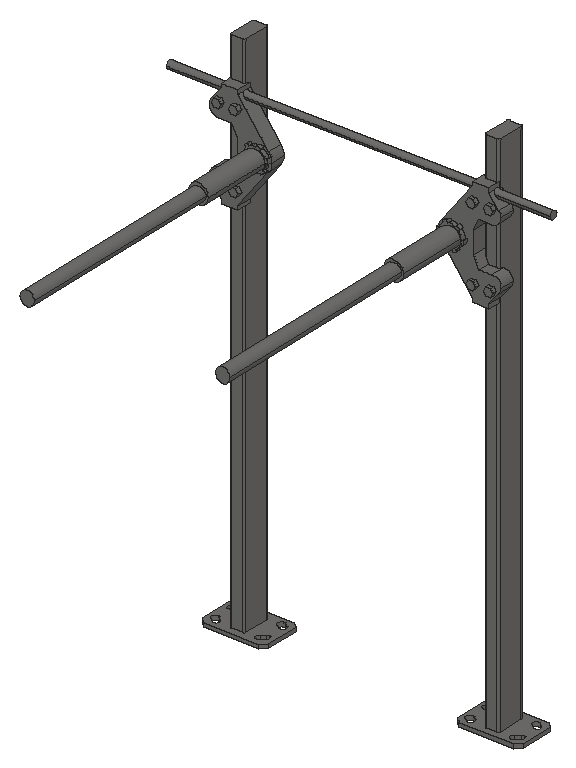
Revit family "Lav-Carrier-Josam-Floor Mounted-17100", category Plumbing Fixtures, Revit 2012 (continued)
Definition of nested family "17100"
  Automatic sketch dimensions
    curve 115 to curve 116 = 0' - 0.15705"
    curve 154 to curve 27 = 0' - 0.29199"
    curve 8 to curve 123 = 0' - 0.4545"
    curve 123 to curve 124 = 0' - 0.04481"
    curve 123 to curve 123 = 0' - 0.1355"
    curve 125 to curve 126 = 0' - 0.12887"
    curve 122 to curve 120 = 0' - 0.09965"
    curve 123 to curve 143 = 0' - 0.11344"
    curve 121 to curve 121 = 0' - 0.1007"
    curve 142 to curve 145 = 0' - 0.18472"
    curve 120 to curve 120 = 0' - 0.2226"
    curve 125 to curve 128 = 0' - 0.28407"
    curve 127 to curve 126 = 0' - 0.06775"
    curve 120 to curve 119 = 0' - 0.06846"
    curve 127 to curve 129 = 0' - 0.24275"
    curve 129 to curve 129 = 0' - 0.05279"
    curve 173 to curve 175 = 0' - 1.36027"
    curve 144 to curve 145 = 0' - 0.48077"
    curve 142 to curve 18 = 0' - 0.00107"
    curve 142 to curve 132 = 0' - 0.00107"
    curve 120 to curve 138 = 0' - 0.00028"
    curve 138 to curve 118 = 0' - 0.0012"
    curve 118 to curve 141 = 0' - 0.54818"
    curve 141 to curve 140 = 0' - 0.03192"
    curve 175 to curve 171 = 0' - 0.38973"
    curve 129 to curve 130 = 0' - 0.55221"
    curve 118 to curve 138 = 0' - 0.23116"
    curve 139 to curve 139 = 0' - 0.0677"
    curve 130 to curve 131 = 0' - 0.06775"
    curve 131 to curve 134 = 0' - 0.19438"
    curve 134 to curve 133 = 0' - 0.09597"
    curve 142 to curve 138 = 0' - 0.07765"
    curve 142 to curve 134 = 0' - 0.11559"
    curve 132 to curve 17 = 0' - 0.11724"
    curve 137 to curve 19 = 0' - 0.05553"
    curve 137 to curve 137 = 0' - 0.12863"
    curve 134 to curve 135 = 0' - 0.1355"
    curve 136 to curve 19 = 0' - 0.0845"
    plane 3 "Center (Left/Right)" to curve 93 = 0' - 5.7145"
    curve 92 to curve 92 = 0' - 0.04481"
    curve 93 to curve 35 = 0' - 0.11791"
    curve 92 to curve 35 = 0' - 0.0731"
    curve 92 to curve 94 = 0' - 0.1355"
    curve 91 to curve 91 = 0' - 0.12863"
    curve 35 to curve 96 = 0' - 0.11724"
    curve 94 to curve 102 = 0' - 0.11559"
    curve 95 to curve 95 = 0' - 0.09597"
    curve 102 to curve 105 = 0' - 0.18472"
    curve 35 to curve 88 = 0' - 0 87/256"
    curve 96 to curve 96 = 0' - 0.2226"
    curve 88 to curve 90 = 0' - 0.0677"
    curve 97 to curve 98 = 0' - 0.06775"
    plane 3 "Center (Left/Right)" to curve 164 = 0' - 6.38"
    curve 88 to curve 87 = 0' - 0.26693"
    curve 88 to curve 87 = 0' - 0.03192"
    curve 105 to curve 86 = 0' - 0.47822"
    curve 86 to curve 90 = 0' - 0.0012"
    curve 90 to curve 88 = 0' - 0.00028"
    curve 86 to curve 35 = 0' - 0.00148"
    curve 35 to curve 105 = 0' - 0.00107"
    curve 163 to curve 167 = 0' - 0.38973"
    curve 97 to curve 98 = 0' - 0.55221"
    curve 98 to curve 100 = 0' - 0.05279"
    curve 86 to curve 86 = 0' - 0.54818"
    curve 98 to curve 78 = 0' - 0.22779"
    curve 78 to curve 100 = 0' - 0.06775"
    curve 85 to curve 85 = 0' - 0.06846"
    curve 86 to curve 83 = 0' - 0.19036"
    curve 83 to curve 84 = 0' - 0.1007"
    curve 102 to curve 79 = 0' - 0.07527"
    curve 103 to curve 81 = 0' - 0.11344"
    curve 79 to curve 80 = 0' - 0.12887"
    curve 81 to curve 80 = 0' - 0.1355"
    curve 85 to curve 27 = 0' - 0.50152"
    curve 27 to curve 58 = 0' - 0.13494"
    curve 100 to curve 77 = 0' - 0.63646"
    curve 76 to curve 76 = 0' - 0.15705"
    curve 58 to curve 54 = 0' - 0.15705"
    curve 76 to curve 77 = 0' - 0.15705"
    curve 58 to curve 57 = 0' - 0.15705"
    curve 72 to curve 37 = 0' - 0.05875"
    curve 27 to curve 34 = 0' - 0.35073"
    curve 84 to curve 45 = 0' - 0.68965"
    curve 52 to curve 32 = 0' - 0.19"
    level to curve 161 = 0' - 0 1/4"
    curve 167 to curve 161 = 0' - 1.36027"
    curve 54 to curve 54 = 0' - 0.31409"
    curve 75 to curve 75 = 0' - 0.31409"
    curve 57 to curve 56 = 0' - 0.31409"
    curve 72 to curve 72 = 0' - 0.31409"
    curve 54 to curve 56 = 0' - 0.15705"
    curve 74 to curve 73 = 0' - 0.15705"
    curve 54 to curve 47 = 0' - 0.17465"
    curve 74 to curve 44 = 0' - 0.17465"
    curve 55 to curve 65 = 0' - 0.55521"
    curve 73 to curve 69 = 0' - 0.55521"
    curve 64 to curve 65 = 0' - 0.15705"
    curve 68 to curve 70 = 0' - 0.15705"
    curve 64 to curve 64 = 0' - 0.15705"
    curve 68 to curve 67 = 0' - 0.15705"
    curve 69 to curve 39 = 0' - 0.00535"
    curve 63 to curve 50 = 0' - 0.00535"
    curve 32 to curve 33 = 0' - 1"
    curve 39 to curve 160 = 0' - 0.06066"
    curve 67 to curve 42 = 0' - 0.18535"
    curve 60 to curve 47 = 0' - 0.18535"
    curve 48 to curve 61 = 0' - 0.12875"
    curve 69 to curve 71 = 0' - 0.31409"
    curve 41 to curve 67 = 0' - 0.12875"
    curve 63 to curve 62 = 0' - 0.31409"
    curve 62 to curve 30 = 0' - 0.05231"
    curve 62 to curve 61 = 0' - 0.15705"
    curve 70 to curve 71 = 0' - 0.15705"
    curve 61 to curve 50 = 0' - 0.2055"
    curve 66 to curve 41 = 0' - 0.2055"
    curve 40 to curve 41 = 0' - 0.13371"
    curve 49 to curve 48 = 0' - 0.13371"
    curve 160 to curve 166 = 0' - 1.35961"
    curve 166 to curve 165 = 0' - 0.38973"
    level to curve 160 = 0' - 0.25673"
    level to curve 172 = 0' - 0.25673"
    curve 172 to curve 14 = 2' - 2.07327"
    curve 161 to curve 15 = 0' - 0"
    curve 15 to curve 17 = 0' - 0.26"
    curve 37 to curve 37 = 0' - 0.26"
    curve 38 to curve 40 = 0' - 0.26"
    curve 14 to curve 14 = 0' - 0.26"
    curve 39 to curve 160 = 0' - 0.07714"
    curve 13 to curve 172 = 0' - 0.07714"
    curve 16 to curve 114 = 0' - 0.62279"
    curve 172 to curve 110 = 0' - 0.54565"
    curve 160 to curve 70 = 0' - 0.54565"
    curve 36 to curve 73 = 0' - 0.62279"
    curve 72 to curve 73 = 0' - 0.27201"
    curve 72 to curve 76 = 0' - 0.27201"
    curve 41 to curve 71 = 0' - 0.04114"
    curve 114 to curve 114 = 0' - 0.27201"
    curve 69 to curve 69 = 0' - 0.27201"
    curve 13 to curve 108 = 0' - 0.04114"
    curve 115 to curve 116 = 0' - 0.27201"
    curve 109 to curve 111 = 0' - 0.27201"
    curve 73 to curve 75 = 0' - 0.27201"
    curve 113 to curve 113 = 0' - 0.27201"
    curve 107 to curve 106 = 0' - 0.27201"
    curve 68 to curve 41 = 0' - 0.07318"
    curve 106 to curve 12 = 0' - 0.07318"
    curve 10 to curve 159 = 0' - 0.50919"
    curve 43 to curve 99 = 0' - 0.6551"
    curve 128 to curve 9 = 0' - 0.1299"
    curve 99 to curve 101 = 0' - 0.09705"
    curve 129 to curve 131 = 0' - 0.09705"
    curve 128 to curve 128 = 0' - 0.09705"
    curve 96 to curve 94 = 0' - 0.27622"
    curve 99 to curve 98 = 0' - 0.12695"
    curve 129 to curve 129 = 0' - 0.12695"
    curve 45 to curve 79 = 0' - 0.4771"
    curve 127 to curve 126 = 0' - 0.11735"
    curve 101 to curve 78 = 0' - 0.11735"
    curve 17 to curve 132 = 0' - 0.01061"
    curve 36 to curve 95 = 0' - 0.01061"
    curve 35 to curve 78 = 0' - 0.02"
    curve 35 to curve 102 = 0' - 0.00339"
    curve 126 to curve 142 = 0' - 0.22442"
    curve 118 to curve 120 = 0' - 0.00038"
    curve 86 to curve 78 = 0' - 0.00038"
    curve 138 to curve 120 = 0' - 0"
    curve 90 to curve 78 = 0' - 0"
    curve 142 to curve 134 = 0' - 0.01661"
    curve 103 to curve 80 = 0' - 0.01661"
    curve 103 to curve 92 = 0' - 0.01661"
    curve 142 to curve 124 = 0' - 0.01661"
    curve 90 to curve 91 = 0' - 0.04184"
    curve 138 to curve 136 = 0' - 0.04184"
    curve 121 to curve 120 = 0' - 0.09067"
    curve 83 to curve 84 = 0' - 0.09067"
    curve 86 to curve 84 = 0' - 0.11825"
    curve 118 to curve 120 = 0' - 0.11825"
    curve 84 to curve 45 = 0' - 0.10741"
    curve 121 to curve 8 = 0' - 0.10741"
    curve 139 to curve 140 = 0' - 0.11726"
    curve 90 to curve 89 = 0' - 0.11726"
    curve 8 to curve 159 = 0' - 0.27581"
    curve 158 to curve 7 = 0' - 0.05"
    curve 45 to curve 47 = 0' - 0.785"
    curve 6 to curve 6 = 0' - 0 5/8"
    curve 46 to curve 54 = 0' - 0.70779"
    curve 48 to curve 65 = 0' - 0.08279"
    curve 7 to curve 153 = 0' - 0.70779"
    curve 6 to curve 147 = 0' - 0.08279"
    curve 61 to curve 49 = 0' - 0.03153"
    curve 152 to curve 153 = 0' - 0.27201"
    curve 152 to curve 156 = 0' - 0.27201"
    curve 60 to curve 64 = 0' - 0.27201"
    curve 54 to curve 55 = 0' - 0.27201"
    curve 151 to curve 6 = 0' - 0.03153"
    curve 146 to curve 148 = 0' - 0.27201"
    curve 54 to curve 59 = 0' - 0.27201"
    curve 156 to curve 156 = 0' - 0.27201"
    curve 55 to curve 57 = 0' - 0.27201"
    curve 147 to curve 148 = 0' - 0.27201"
    curve 64 to curve 64 = 0' - 0.27201"
    curve 154 to curve 27 = 0' - 0.14942"
    curve 62 to curve 30 = 0' - 0.15404"
    curve 5 to curve 25 = 0' - 0 101/256"
    curve 24 to curve 25 = 0' - 0 1/2"
    curve 1 to curve 26 = 0' - 0.04085"
    curve 50 to curve 31 = 0' - 0.04085"
    curve 26 to curve 52 = 0' - 0.21915"
    curve 26 to curve 2 = 0' - 0.21915"
    curve 3 to curve 22 = 0' - 2.62"
    curve 32 to curve 32 = 0' - 2.62"
    Extrusion 3 sketch curve to Extrusion 3 sketch curve = 0' - 0"  (x8)
    plane 6 to Extrusion 3 sketch curve = 0' - 1.11129"  (x2)
    plane 6 to Extrusion 3 sketch curve = 0' - 0.62"  (x2)
    plane 6 to Extrusion 3 sketch curve = 0' - 0.44"  (x2)
    Extrusion 3 sketch curve to plane 6 = 0' - 0.26"  (x2)
    Extrusion 3 sketch curve to plane 6 = 0' - 0.63"
    Extrusion 3 sketch curve to plane 6 = 0' - 0.69"  (x2)
    Extrusion 3 sketch curve to Extrusion 3 sketch curve = 0' - 1.37"  (x2)
    Extrusion 3 sketch curve to Extrusion 3 sketch curve = 0' - 0.79759"  (x3)
    Extrusion 3 sketch curve to Extrusion 3 sketch curve = 0' - 0.20241"
    plane 3 "Center (Left/Right)" to Extrusion 3 sketch curve = 0' - 5.83241"
    Extrusion 3 sketch curve to Extrusion 3 sketch curve = 0' - 2.10759"  (x2)
    Extrusion 3 sketch curve to Extrusion 3 sketch curve = 0' - 0.37"  (x2)
    Extrusion 3 sketch curve to Extrusion 3 sketch curve = 0' - 1.13"  (x2)
    Extrusion 3 sketch curve to Extrusion 3 sketch curve = 0' - 0.88"  (x2)
    Extrusion 3 sketch curve to Extrusion 3 sketch curve = 0' - 0.49129"  (x2)
    Extrusion 3 sketch curve to Extrusion 3 sketch curve = 0' - 0.13371"  (x2)
    level to Extrusion 3 sketch curve = 2' - 2.33"
    Extrusion 3 sketch curve to Extrusion 3 sketch curve = 0' - 0.26"  (x6)
    Extrusion 3 sketch curve to Extrusion 3 sketch curve = 0' - 0.85366"  (x4)
    Extrusion 3 sketch curve to Extrusion 3 sketch curve = 0' - 0.38634"
    Extrusion 3 sketch curve to Extrusion 3 sketch curve = 0' - 0.785"  (x4)
    Extrusion 3 sketch curve to Extrusion 3 sketch curve = 0' - 0.1368"  (x2)
    Extrusion 3 sketch curve to Extrusion 3 sketch curve = 0' - 0.6032"
    Extrusion 3 sketch curve to Extrusion 3 sketch curve = 0' - 1.48"  (x2)
    Extrusion 3 sketch curve to Extrusion 3 sketch curve = 0' - 0 5/8"
    Extrusion 3 sketch curve to Extrusion 3 sketch curve = 0' - 1.24"  (x2)
    Extrusion 4 sketch curve to plane 6 = 0' - 1.99893"
    plane 4 to Extrusion 4 sketch curve = 0' - 6.36893"
    level to Extrusion 4 sketch curve = 2' - 5.98339"
    Extrusion 4 sketch curve to Extrusion 4 sketch curve = 0' - 0"
    Extrusion 5 sketch curve to plane 6 = 0' - 1.99893"
    plane 4 to Extrusion 5 sketch curve = 0' - 6.36893"
    level to Extrusion 5 sketch curve = 2' - 5.98339"
    Extrusion 5 sketch curve to Extrusion 5 sketch curve = 0' - 0"
    plane 1 "Center (Front/Back)" to Extrusion 6 sketch curve = 0' - 0.4507"
    level to Extrusion 6 sketch curve = 2' - 9.16085"
    plane 6 to Extrusion 8 sketch curve = 0' - 0.90579"
    Extrusion 8 sketch curve to Extrusion 8 sketch curve = 0' - 0.15705"  (x2)
    Extrusion 8 sketch curve to Extrusion 8 sketch curve = 0' - 0.31409"  (x2)
    plane 6 to Extrusion 8 sketch curve = 0' - 0.2776"
    Extrusion 8 sketch curve to level = 2' - 8.21279"
    Extrusion 8 sketch curve to Extrusion 8 sketch curve = 0' - 0.27201"  (x3)
    plane 6 to Extrusion 9 sketch curve = 0' - 0.90579"
    Extrusion 9 sketch curve to Extrusion 9 sketch curve = 0' - 0.15705"  (x2)
    Extrusion 9 sketch curve to Extrusion 9 sketch curve = 0' - 0.31409"  (x2)
    plane 6 to Extrusion 9 sketch curve = 0' - 0.2776"
    level to Extrusion 9 sketch curve = 2' - 3.21279"
    Extrusion 9 sketch curve to Extrusion 9 sketch curve = 0' - 0.27201"  (x3)
    plane 6 to Extrusion 10 sketch curve = 0' - 0.90579"
    Extrusion 10 sketch curve to Extrusion 10 sketch curve = 0' - 0.15705"  (x2)
    Extrusion 10 sketch curve to Extrusion 10 sketch curve = 0' - 0.31409"  (x2)
    plane 6 to Extrusion 10 sketch curve = 0' - 0.2776"
    Extrusion 10 sketch curve to level = 2' - 3.21279"
    Extrusion 10 sketch curve to Extrusion 10 sketch curve = 0' - 0.27201"  (x3)
    Extrusion 11 sketch curve to plane 4 = 0' - 3.46421"
    Extrusion 11 sketch curve to Extrusion 11 sketch curve = 0' - 0.15705"  (x3)
    Extrusion 11 sketch curve to Extrusion 11 sketch curve = 0' - 0.31409"  (x2)
    Extrusion 11 sketch curve to level = 2' - 8.21279"
    Extrusion 11 sketch curve to Extrusion 11 sketch curve = 0' - 0.27201"  (x3)
    plane 4 to Extrusion 12 sketch curve = 0' - 5.27579"
    Extrusion 12 sketch curve to Extrusion 12 sketch curve = 0' - 0.15705"  (x3)
    Extrusion 12 sketch curve to Extrusion 12 sketch curve = 0' - 0.31409"  (x2)
    level to Extrusion 12 sketch curve = 2' - 8.21279"
    Extrusion 12 sketch curve to Extrusion 12 sketch curve = 0' - 0.27201"  (x3)
    Extrusion 13 sketch curve to plane 4 = 0' - 3.46421"
    Extrusion 13 sketch curve to Extrusion 13 sketch curve = 0' - 0.15705"  (x3)
    Extrusion 13 sketch curve to Extrusion 13 sketch curve = 0' - 0.31409"  (x2)
    Extrusion 13 sketch curve to level = 2' - 3.21279"
    Extrusion 13 sketch curve to Extrusion 13 sketch curve = 0' - 0.27201"  (x3)
    plane 4 to Extrusion 14 sketch curve = 0' - 5.27579"
    Extrusion 14 sketch curve to Extrusion 14 sketch curve = 0' - 0.15705"  (x3)
    Extrusion 14 sketch curve to Extrusion 14 sketch curve = 0' - 0.31409"  (x2)
    level to Extrusion 14 sketch curve = 2' - 3.21279"
    Extrusion 14 sketch curve to Extrusion 14 sketch curve = 0' - 0.27201"  (x3)
    Extrusion 15 sketch curve to Extrusion 15 sketch curve = 0' - 0"  (x91)
    Extrusion 15 sketch curve to plane 6 = 0' - 1.0845"
    Extrusion 15 sketch curve to Extrusion 15 sketch curve = 0' - 0.04481"
    Extrusion 15 sketch curve to Extrusion 15 sketch curve = 0' - 0.1355"  (x2)
    Extrusion 15 sketch curve to Extrusion 15 sketch curve = 0' - 0.12887"
    Extrusion 15 sketch curve to Extrusion 15 sketch curve = 0' - 0.09965"
    Extrusion 15 sketch curve to Extrusion 15 sketch curve = 0' - 0.1007"
    Extrusion 15 sketch curve to Extrusion 15 sketch curve = 0' - 0.2226"
    Extrusion 15 sketch curve to Extrusion 15 sketch curve = 0' - 0.28407"
    Extrusion 15 sketch curve to Extrusion 15 sketch curve = 0' - 0.06775"  (x2)
    Extrusion 15 sketch curve to Extrusion 15 sketch curve = 0' - 0.06846"
    Extrusion 15 sketch curve to Extrusion 15 sketch curve = 0' - 0.24275"
    Extrusion 15 sketch curve to Extrusion 15 sketch curve = 0' - 0.05279"
    Extrusion 15 sketch curve to Extrusion 15 sketch curve = 0' - 0.16114"
    Extrusion 15 sketch curve to Extrusion 15 sketch curve = 0' - 0.00107"
    Extrusion 15 sketch curve to Extrusion 15 sketch curve = 0' - 0.00028"
    Extrusion 15 sketch curve to Extrusion 15 sketch curve = 0' - 0.0012"
    Extrusion 15 sketch curve to Extrusion 15 sketch curve = 0' - 0.54818"
    Extrusion 15 sketch curve to Extrusion 15 sketch curve = 0' - 0.03192"
    Extrusion 15 sketch curve to Extrusion 15 sketch curve = 0' - 0.55221"
    Extrusion 15 sketch curve to Extrusion 15 sketch curve = 0' - 0.23116"
    Extrusion 15 sketch curve to Extrusion 15 sketch curve = 0' - 0.0677"
    Extrusion 15 sketch curve to Extrusion 15 sketch curve = 0' - 0.19438"
    Extrusion 15 sketch curve to Extrusion 15 sketch curve = 0' - 0.09597"
    Extrusion 15 sketch curve to Extrusion 15 sketch curve = 0' - 0.35201"
    Extrusion 15 sketch curve to Extrusion 15 sketch curve = 0' - 0.03794"
    Extrusion 15 sketch curve to Extrusion 15 sketch curve = 0' - 0.12863"
    level to Extrusion 15 sketch curve = 2' - 5.1101"
    Extrusion 15 sketch curve to Extrusion 15 sketch curve = 0' - 0.09705"
    Extrusion 15 sketch curve to Extrusion 15 sketch curve = 0' - 0.27622"
    Extrusion 15 sketch curve to Extrusion 15 sketch curve = 0' - 0.12695"
    Extrusion 15 sketch curve to Extrusion 15 sketch curve = 0' - 0.11735"
    Extrusion 15 sketch curve to Extrusion 15 sketch curve = 0' - 0.01661"
    Extrusion 15 sketch curve to Extrusion 15 sketch curve = 0' - 0.00038"
    Extrusion 15 sketch curve to Extrusion 15 sketch curve = 0' - 0.24103"
    Extrusion 15 sketch curve to Extrusion 15 sketch curve = 0' - 0.28291"
    Extrusion 15 sketch curve to Extrusion 15 sketch curve = 0' - 0.04184"
    Extrusion 15 sketch curve to Extrusion 15 sketch curve = 0' - 0.09067"
    Extrusion 15 sketch curve to Extrusion 15 sketch curve = 0' - 0.11825"
    Extrusion 15 sketch curve to Extrusion 15 sketch curve = 0' - 0.11726"
    Extrusion 16 sketch curve to Extrusion 16 sketch curve = 0' - 0"  (x91)
    Extrusion 16 sketch curve to plane 4 = 0' - 5.4545"
    Extrusion 16 sketch curve to Extrusion 16 sketch curve = 0' - 0.04481"
    Extrusion 16 sketch curve to Extrusion 16 sketch curve = 0' - 0.1355"  (x2)
    Extrusion 16 sketch curve to Extrusion 16 sketch curve = 0' - 0.12887"
    Extrusion 16 sketch curve to Extrusion 16 sketch curve = 0' - 0.09965"
    Extrusion 16 sketch curve to Extrusion 16 sketch curve = 0' - 0.1007"
    Extrusion 16 sketch curve to Extrusion 16 sketch curve = 0' - 0.2226"
    Extrusion 16 sketch curve to Extrusion 16 sketch curve = 0' - 0.28407"
    Extrusion 16 sketch curve to Extrusion 16 sketch curve = 0' - 0.06775"  (x2)
    Extrusion 16 sketch curve to Extrusion 16 sketch curve = 0' - 0.06846"
    Extrusion 16 sketch curve to Extrusion 16 sketch curve = 0' - 0.24275"
    Extrusion 16 sketch curve to Extrusion 16 sketch curve = 0' - 0.05279"
    Extrusion 16 sketch curve to Extrusion 16 sketch curve = 0' - 0.16114"
    Extrusion 16 sketch curve to Extrusion 16 sketch curve = 0' - 0.00107"
    Extrusion 16 sketch curve to Extrusion 16 sketch curve = 0' - 0.00028"
    Extrusion 16 sketch curve to Extrusion 16 sketch curve = 0' - 0.0012"
    Extrusion 16 sketch curve to Extrusion 16 sketch curve = 0' - 0.54818"
    Extrusion 16 sketch curve to Extrusion 16 sketch curve = 0' - 0.03192"
    Extrusion 16 sketch curve to Extrusion 16 sketch curve = 0' - 0.55221"
    Extrusion 16 sketch curve to Extrusion 16 sketch curve = 0' - 0.23116"
    Extrusion 16 sketch curve to Extrusion 16 sketch curve = 0' - 0.0677"
    Extrusion 16 sketch curve to Extrusion 16 sketch curve = 0' - 0.19438"
    Extrusion 16 sketch curve to Extrusion 16 sketch curve = 0' - 0.09597"
    Extrusion 16 sketch curve to Extrusion 16 sketch curve = 0' - 0.35201"
    Extrusion 16 sketch curve to Extrusion 16 sketch curve = 0' - 0.03794"
    Extrusion 16 sketch curve to Extrusion 16 sketch curve = 0' - 0.12863"
    Extrusion 16 sketch curve to level = 2' - 5.1101"
    Extrusion 16 sketch curve to Extrusion 16 sketch curve = 0' - 0.09705"
    Extrusion 16 sketch curve to Extrusion 16 sketch curve = 0' - 0.27622"
    Extrusion 16 sketch curve to Extrusion 16 sketch curve = 0' - 0.12695"
    Extrusion 16 sketch curve to Extrusion 16 sketch curve = 0' - 0.11735"
    Extrusion 16 sketch curve to Extrusion 16 sketch curve = 0' - 0.01661"
    Extrusion 16 sketch curve to Extrusion 16 sketch curve = 0' - 0.00038"
    Extrusion 16 sketch curve to Extrusion 16 sketch curve = 0' - 0.24103"
    Extrusion 16 sketch curve to Extrusion 16 sketch curve = 0' - 0.28291"
    Extrusion 16 sketch curve to Extrusion 16 sketch curve = 0' - 0.04184"
    Extrusion 16 sketch curve to Extrusion 16 sketch curve = 0' - 0.09067"
    Extrusion 16 sketch curve to Extrusion 16 sketch curve = 0' - 0.11825"
    Extrusion 16 sketch curve to Extrusion 16 sketch curve = 0' - 0.11726"
    curve 192 to level = 0' - 0"
    curve 193 to level = 0' - 0"
    curve 209 to plane 1 "Center (Front/Back)" = 0' - 0"
    curve 194 to level = 0' - 0"
    curve 190 to level = 0' - 0"
    plane 1 "Center (Front/Back)" to curve 198 = 0' - 0.04056"
    plane 1 "Center (Front/Back)" to curve 208 = 0' - 0.04056"
    plane 1 "Center (Front/Back)" to curve 199 = 0' - 0.06608"
    plane 1 "Center (Front/Back)" to curve 208 = 0' - 0.06608"
    curve 198 to curve 199 = 0' - 0.10739"
    curve 197 to curve 198 = 0' - 0.00113"
    plane 1 "Center (Front/Back)" to curve 207 = 0' - 0.17459"
    curve 210 to curve 207 = 0' - 0"
    curve 198 to curve 198 = 0' - 0.0055"
    curve 208 to curve 208 = 0' - 0.00437"
    plane 1 "Center (Front/Back)" to curve 212 = 0' - 0.2"
    plane 1 "Center (Front/Back)" to curve 203 = 0' - 0.2"
    plane 1 "Center (Front/Back)" to curve 195 = 0' - 0.2"
    curve 210 to curve 208 = 0' - 0.13478"
    curve 193 to curve 195 = 0' - 0.12558"
    curve 205 to curve 210 = 0' - 0.13696"
    curve 211 to curve 205 = 0' - 0.13696"
    curve 191 to curve 193 = 0' - 0.37442"
    curve 205 to curve 211 = 0' - 0.11304"
    curve 206 to curve 202 = 0' - 0.78"
    curve 213 to curve 213 = 0' - 0.26906"
    curve 222 to curve 222 = 0' - 0.26906"
    curve 219 to curve 219 = 0' - 0.26906"
    curve 182 to curve 181 = 0' - 4.73094"
    curve 176 to curve 176 = 1' - 2 1/2"
    level to curve 189 = 0' - 0 1/4"
    curve 189 to plane 1 "Center (Front/Back)" = 0' - 1.8"
    curve 189 to curve 194 = 0' - 0.11027"
    curve 194 to curve 191 = 0' - 0.38973"
    curve 195 to curve 187 = 2' - 2.08"
    curve 187 to curve 198 = 0' - 0.22937"
    curve 198 to curve 198 = 0' - 0.03037"
    curve 198 to curve 197 = 0' - 0.00026"
    curve 197 to curve 218 = 0' - 0.62279"
    curve 217 to curve 219 = 0' - 0.27201"
    curve 219 to curve 216 = 0' - 0.27201"
    curve 216 to curve 201 = 0' - 0.69818"
    curve 201 to curve 180 = 0' - 0.6551"
    curve 180 to curve 226 = 0' - 0.09705"
    curve 226 to curve 203 = 0' - 0.03285"
    curve 226 to curve 179 = 0' - 0.11051"
    curve 203 to curve 367 = 0' - 0.07766"
    curve 179 to curve 176 = 0' - 0.18496"
    curve 179 to curve 225 = 0' - 0.39943"
    curve 225 to curve 224 = 0' - 0.28565"
    curve 176 to curve 178 = 0' - 0.96154"
    curve 224 to curve 221 = 0' - 0.51917"
    curve 221 to curve 222 = 0' - 0.09067"
    curve 222 to curve 366 = 0' - 0.03629"
    curve 178 to curve 182 = 0' - 0.18472"
    curve 366 to curve 204 = 0' - 0.02671"
    curve 181 to curve 223 = 0' - 0.14397"
    curve 223 to curve 180 = 0' - 0.10255"
    curve 184 to curve 206 = 0' - 0.60961"
    curve 206 to curve 215 = 0' - 0.70779"
    curve 214 to curve 220 = 0' - 0.27201"
    curve 220 to curve 215 = 0' - 0.27201"
    curve 213 to curve 205 = 0' - 0.40403"
    curve 205 to curve 205 = 0' - 0"
    curve 209 to curve 210 = 0' - 0.0763"
    curve 210 to curve 207 = 0' - 0.0035"
    curve 208 to curve 212 = 0' - 0.22937"
    curve 212 to curve 188 = 0' - 2.62"
    curve 252 to plane 5 = 0' - 0"
    plane 1 "Center (Front/Back)" to curve 256 = 0' - 0"
    plane 1 "Center (Front/Back)" to curve 257 = 0' - 0"
    plane 1 "Center (Front/Back)" to curve 323 = 0' - 0"
    plane 1 "Center (Front/Back)" to curve 322 = 0' - 0"
    curve 368 to plane 4 = 0' - 0"
    plane 5 to curve 229 = 0' - 2.12"
    curve 228 to curve 232 = 0' - 0.36191"
    plane 1 "Center (Front/Back)" to curve 248 = 0' - 0.10384"
    curve 229 to curve 248 = 0' - 0.36191"
    curve 228 to curve 228 = 0' - 0.38973"
    plane 1 "Center (Front/Back)" to curve 248 = 0' - 0.2007"
    curve 248 to curve 248 = 0' - 0.11543"
    curve 247 to plane 1 "Center (Front/Back)" = 0' - 0.08767"
    curve 248 to curve 247 = 0' - 0.1607"
    curve 231 to curve 231 = 0' - 0.1607"  (x2)
    curve 232 to curve 233 = 0' - 0.26426"
    curve 246 to plane 1 "Center (Front/Back)" = 0' - 0.27918"
    curve 233 to curve 233 = 0' - 0.1607"  (x2)
    plane 1 "Center (Front/Back)" to curve 251 = 0' - 0.13407"
    curve 248 to curve 251 = 0' - 0.30952"
    curve 246 to plane 1 "Center (Front/Back)" = 0' - 0.05744"
    curve 251 to curve 246 = 0' - 0.1607"
    curve 251 to curve 262 = 0' - 0.21814"
    plane 1 "Center (Front/Back)" to curve 251 = 0' - 0.01194"
    curve 255 to curve 264 = 0' - 0.33921"
    curve 263 to curve 267 = 0' - 0.15705"
    plane 6 to curve 242 = 0' - 0 1/2"
    curve 242 to curve 249 = 0' - 0.06"
    curve 253 to curve 266 = 0' - 0.00535"
    curve 241 to curve 241 = 0' - 0 9/64"
    curve 249 to curve 243 = 0' - 0.08062"
    curve 266 to curve 264 = 0' - 0.15705"
    curve 272 to plane 6 = 0' - 0.2776"
    plane 1 "Center (Front/Back)" to curve 245 = 0' - 0.05937"
    curve 245 to plane 6 = 0' - 0 23/64"
    curve 240 to plane 6 = 0' - 0.3594"
    curve 272 to curve 268 = 0' - 0.15705"
    curve 239 to curve 238 = 0' - 0.1406"
    curve 238 to curve 260 = 0' - 0.19"
    curve 254 to curve 269 = 0' - 0.05875"
    curve 269 to curve 271 = 0' - 0.15705"
    curve 270 to curve 275 = 0' - 0.17871"
    curve 274 to curve 276 = 0' - 0.1355"
    curve 254 to curve 293 = 0' - 0.56213"
    curve 291 to plane 1 "Center (Front/Back)" = 0' - 0.05744"
    curve 293 to curve 291 = 0' - 0.05031"
    curve 238 to curve 235 = 0' - 0.80244"
    curve 276 to curve 277 = 0' - 0.09965"
    curve 277 to curve 362 = 0' - 0.01379"
    curve 289 to curve 362 = 0' - 0"
    curve 235 to curve 235 = 0' - 0.1607"
    plane 1 "Center (Front/Back)" to curve 293 = 0' - 0.13407"
    curve 287 to plane 6 = 0' - 1.51816"
    curve 289 to curve 278 = 0' - 0.20881"
    curve 293 to curve 292 = 0' - 0.26426"
    curve 235 to curve 237 = 0' - 0.26426"
    curve 278 to curve 279 = 0' - 0.06846"
    curve 235 to curve 236 = 0' - 0.1607"
    curve 292 to plane 1 "Center (Front/Back)" = 0' - 0.08767"
    curve 291 to curve 292 = 0' - 0.1607"
    curve 237 to curve 237 = 0' - 0.1607"  (x2)
    curve 235 to curve 359 = 0' - 0.23643"
    curve 292 to curve 292 = 0' - 0.23412"
    curve 279 to curve 280 = 0' - 0.54818"
    curve 280 to curve 281 = 0' - 0.03192"
    curve 236 to curve 358 = 0' - 0.36191"
    curve 281 to curve 282 = 0' - 0.26693"
    curve 288 to curve 286 = 0' - 0.96154"
    curve 282 to curve 290 = 0' - 0.20666"
    curve 282 to curve 363 = 0' - 0.20666"
    curve 363 to curve 283 = 0' - 0.07765"
    curve 283 to curve 284 = 0' - 0.12863"
    curve 284 to curve 274 = 0' - 0.04481"
    curve 273 to curve 259 = 0' - 0.0845"
    curve 258 to curve 259 = 0' - 0"
    plane 1 "Center (Front/Back)" to curve 324 = 0' - 0.20848"
    plane 3 "Center (Left/Right)" to curve 324 = 0' - 5.63"
    curve 325 to curve 324 = 0' - 0"
    curve 325 to curve 337 = 0' - 0.0845"
    curve 337 to curve 348 = 0' - 0.04481"
    curve 348 to curve 347 = 0' - 0.12863"
    curve 347 to curve 365 = 0' - 0.07765"
    curve 354 to curve 365 = 0' - 0"
    curve 354 to curve 350 = 0' - 0.18472"
    curve 354 to curve 346 = 0' - 0.20666"
    curve 323 to curve 360 = 0' - 0 3/4"
    curve 346 to curve 345 = 0' - 0.26693"
    curve 345 to curve 344 = 0' - 0.03192"
    curve 360 to curve 356 = 0' - 0.28848"
    curve 360 to curve 304 = 0' - 0.36191"
    curve 361 to plane 1 "Center (Front/Back)" = 0' - 2.3"
    curve 360 to curve 361 = 0' - 0.38973"
    curve 303 to curve 304 = 0' - 0.1607"
    curve 356 to plane 1 "Center (Front/Back)" = 0' - 0.08767"
    curve 356 to curve 356 = 0' - 0.23412"
    curve 304 to curve 302 = 0' - 0.26426"
    curve 344 to curve 343 = 0' - 0.54818"
    curve 355 to plane 1 "Center (Front/Back)" = 0' - 0.27918"
    curve 304 to curve 304 = 0' - 0.1607"
    curve 343 to curve 342 = 0' - 0.06846"
    curve 349 to curve 352 = 0' - 0.96154"
    plane 1 "Center (Front/Back)" to curve 357 = 0' - 0.13407"
    curve 356 to curve 357 = 0' - 0.26426"
    curve 303 to curve 302 = 0' - 0.1607"
    curve 352 to curve 353 = 0' - 0.18472"
    curve 364 to curve 353 = 0' - 0"
    curve 364 to curve 341 = 0' - 0.01379"
    curve 302 to curve 302 = 0' - 0.1607"
    curve 357 to plane 1 "Center (Front/Back)" = 0' - 0.05744"
    curve 357 to curve 357 = 0' - 0.1607"
    curve 341 to curve 340 = 0' - 0.09965"
    curve 340 to curve 339 = 0' - 0.1355"
    curve 338 to curve 335 = 0' - 0.17871"
    curve 334 to curve 333 = 0' - 0.15705"
    plane 1 "Center (Front/Back)" to curve 260 = 0' - 0.20108"
    curve 357 to curve 260 = 0' - 0.56213"
    plane 1 "Center (Front/Back)" to curve 305 = 0' - 0.05937"
    curve 321 to curve 305 = 0' - 0.19"
    curve 333 to curve 332 = 0' - 0.31409"
    curve 305 to curve 306 = 0' - 0.1406"
    curve 312 to curve 311 = 0' - 0 9/64"
    curve 332 to curve 336 = 0' - 0.15705"
    curve 335 to curve 328 = 0' - 0.55521"
    curve 312 to curve 311 = 0' - 0 23/32"
    curve 307 to curve 307 = 0' - 0.71877"
    curve 329 to curve 330 = 0' - 0.15705"
    curve 330 to curve 320 = 0' - 0.00535"
    plane 1 "Center (Front/Back)" to curve 309 = 0' - 0.05937"
    curve 330 to curve 331 = 0' - 0.31409"
    curve 331 to curve 327 = 0' - 0.15705"
    curve 327 to curve 255 = 0' - 0.33921"
    plane 1 "Center (Front/Back)" to curve 317 = 0' - 0.2007"
    curve 317 to curve 326 = 0' - 0"
    curve 318 to curve 322 = 0' - 0.00713"
    curve 309 to curve 300 = 0' - 0.80244"
    curve 318 to plane 1 "Center (Front/Back)" = 0' - 0.05744"
    curve 322 to curve 318 = 0' - 0.05031"
    curve 297 to curve 300 = 0' - 0.1607"
    plane 1 "Center (Front/Back)" to curve 318 = 0' - 0.13407"
    curve 318 to curve 314 = 0' - 0.26426"
    curve 300 to curve 298 = 0' - 0.26426"
    curve 300 to curve 299 = 0' - 0.1607"
    curve 314 to plane 1 "Center (Front/Back)" = 0' - 0.08767"
    curve 313 to curve 314 = 0' - 0.1607"
    curve 297 to curve 298 = 0' - 0.1607"
    curve 314 to curve 315 = 0' - 0.04526"
    curve 299 to curve 294 = 0' - 0.23643"
    curve 315 to curve 314 = 0' - 0.11543"
    curve 298 to curve 299 = 0' - 0.1607"
    curve 298 to curve 295 = 0' - 0.36191"
    curve 258 to curve 257 = 0' - 0.20848"
    curve 261 to curve 260 = 0' - 0.49923"
    curve 326 to curve 317 = 0' - 0 1/2"
    curve 262 to curve 250 = 0' - 0 1/2"
    curve 325 to curve 324 = 0' - 0.52152"
    curve 259 to curve 258 = 0' - 0.52152"
    curve 348 to curve 325 = 0' - 0 1/4"
    curve 353 to curve 364 = 0' - 0 1/4"
    curve 335 to curve 334 = 0' - 0.26906"
    curve 289 to curve 362 = 0' - 0.26906"
    curve 365 to curve 365 = 0' - 0.26906"
    curve 331 to curve 331 = 0' - 0.26906"
    curve 263 to curve 263 = 0' - 0.26906"
    curve 268 to curve 268 = 0' - 0.26906"
    curve 354 to curve 354 = 0' - 4.73094"
    curve 354 to curve 353 = 0' - 0"
    curve 286 to curve 282 = 0' - 4.73094"
    curve 285 to curve 290 = 0' - 0"
    curve 351 to curve 349 = 1' - 2 1/2"
    curve 287 to curve 350 = 0' - 0"
    plane 1 "Center (Front/Back)" to curve 315 = 0' - 0.10384"
    curve 247 to curve 231 = 0' - 1.04166"
    curve 297 to curve 294 = 0' - 0.97916"
    curve 292 to curve 237 = 0' - 1.04166"
    curve 304 to curve 294 = 0' - 0.97916"
    curve 237 to curve 237 = 0' - 0.19151"
    curve 301 to curve 304 = 0' - 0.19151"
    curve 231 to curve 231 = 0' - 0.19151"
    curve 297 to curve 298 = 0' - 0.19151"
    curve 301 to curve 302 = 0' - 0.22174"
    curve 234 to curve 234 = 0' - 0.22174"
    curve 297 to curve 297 = 0' - 0.22174"
    curve 231 to curve 233 = 0' - 0.22174"
    curve 233 to curve 241 = 0' - 0.11679"
    curve 297 to curve 308 = 0' - 0.11679"
    curve 233 to curve 233 = 0' - 0.19151"
    curve 297 to curve 300 = 0' - 0.19151"
    curve 302 to curve 302 = 0' - 0.19151"
    curve 235 to curve 235 = 0' - 0.19151"
    curve 304 to curve 361 = 0' - 0.2064"
    curve 298 to curve 296 = 0' - 0.2064"
    curve 231 to curve 228 = 0' - 0.2064"
    curve 236 to curve 358 = 0' - 0.2064"
    curve 235 to curve 359 = 0' - 0.3744"
    radius of Extrusion 4 sketch curve = 0' - 0.66549"  (x2)
    radius of Extrusion 5 sketch curve = 0' - 0.48077"  (x2)
    radius of Extrusion 6 sketch curve = 0' - 0 1/4"
    radius of Extrusion 15 sketch curve = 0' - 0.66549"
    radius of Extrusion 16 sketch curve = 0' - 0.66549"
